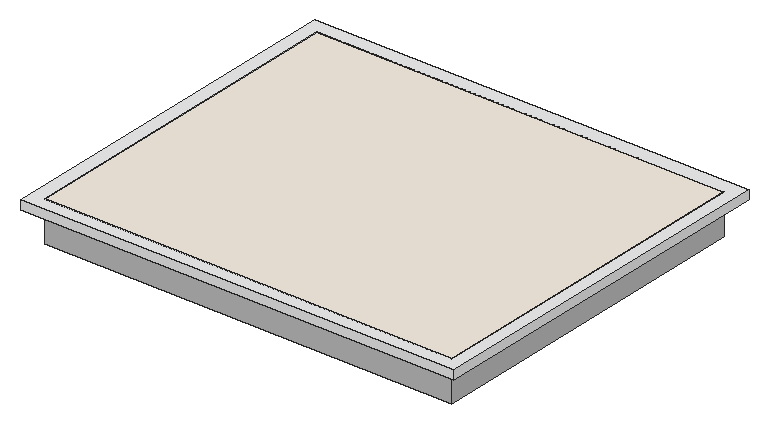
Revit family "Lighting-Industrial-GEWISS-ELIA-HL-LED_HIGHBAY", category Apparecchi per illuminazione, host Superficie, Revit 2019 (continued)
Types (12, lengths in mm): name | Weight (kg): | Weight (kg) | Voltage | Technical sheet | System power | Optic | built-in parameter 1150142 | Lumen output (lm) | Model | IDT | File diagramma fotometrico | Description
    3.20 4720.80 4561.20 \r\n4397.40 4233.60 4076.80 3921.40 3766.00 3614.80 3469.20 \r\n3326.40 3183.60 3045.00 2907.80 2775.36 2650.48 2530.08 \r\n2412.48 2297.68 2183.44 2072.42 1966.44 1863.82 1762.60 \r\n1663.76 1566.46 1471.96 1380.82 1293.46 1210.86 1133.16 \r\n1060.92 993.16 929.88 869.82 811.58 755.86 703.50 652.96 \r\n603.54 555.66 509.88 466.06 424.20 384.02 344.96 308.42 \r\n275.70 245.55 217.20 190.57 165.23 141.55 119.85 99.88 \r\n81.31 64.58 49.95 37.44 27.14 19.13 13.72 10.39 8.66 8.69 \r\n8142.40 8142.40 8142.40 8145.20 8146.60 8148.00 8150.80 \r\n8153.60 8156.40 8160.60 8163.40 8167.60 8173.20 8177.40 \r\n8183.00 8188.60 8195.60 8201.20 8209.60 8216.60 8225.00 \r\n8232.00 8240.40 8247.40 8255.80 8262.80 8269.80 8278.20 \r\n8286.60 8293.60 8302.00 8310.40 8318.80 8327.20 8337.00 \r\n8346.80 8356.60 8367.80 8377.60 8388.80 8398.60 8409.80 \r\n8419.60 8430.80 8442.00 8451.80 8463.00 8474.20 8484.00 \r\n8496.60 8507.80 8519.00 8530.20 8541.40 8551.20 8562.40 \r\n8573.60 8583.40 8594.60 8603.00 8611.40 8617.00 8624.00 \r\n8628.20 8633.80 8636.60 8639.40 8639.40 8639.40 8636.60 \r\n8633.80 8631.00 8625.40 8618.40 8608.60 8597.40 8584.80 \r\n8570.80 8552.60 8535.80 8514.80 8493.80 8470.00 8444.80 \r\n8416.80 8387.40 8355.20 8320.20 8282.40 8246.00 8205.40 \r\n8157.80 8106.00 8048.60 7987.00 7919.80 7845.60 7760.20 \r\n7665.00 7560.00 7446.60 7329.00 7204.40 7081.20 6953.80 \r\n6818.00 6669.60 6507.20 6335.00 6151.60 5964.00 5776.40 \r\n5590.20 5409.60 5229.00 5054.00 4883.20 4722.20 4562.60 \r\n4397.40 4235.00 4076.80 3922.80 3767.40 3614.80 3470.60 \r\n3329.20 3186.40 3045.00 2909.20 2777.18 2652.02 2531.20 \r\n2412.76 2297.12 2183.44 2072.98 1967.28 1864.38 1763.44 \r\n1664.46 1567.30 1472.66 1381.52 1294.16 1211.28 1133.44 \r\n1061.06 993.30 929.88 869.82 811.72 756.00 703.36 652.96 \r\n603.54 555.80 510.30 466.62 424.48 384.30 345.38 308.98 \r\n276.04 245.74 217.32 190.65 165.37 141.74 120.01 99.97 \r\n81.42 64.71 49.99 37.44 27.17 19.24 13.86 10.51 8.74 8.69 \r\n8142.40 8142.40 8142.40 8145.20 8146.60 8148.00 8149.40 \r\n8153.60 8156.40 8159.20 8163.40 8167.60 8173.20 8177.40 \r\n8183.00 8188.60 8195.60 8201.20 8209.60 8216.60 8225.00 \r\n8232.00 8240.40 8247.40 8255.80 8264.20 8269.80 8278.20 \r\n8286.60 8295.00 8302.00 8311.80 8320.20 8330.00 8338.40 \r\n8348.20 8358.00 8369.20 8380.40 8390.20 8400.00 8409.80 \r\n8421.00 8430.80 8442.00 8453.20 8465.80 8475.60 8486.80 \r\n8496.60 8509.20 8520.40 8531.60 8542.80 8554.00 8565.20 \r\n8575.00 8586.20 8594.60 8603.00 8611.40 8619.80 8625.40 \r\n8631.00 8635.20 8639.40 8640.80 8642.20 8640.80 8639.40 \r\n8636.60 8632.40 8628.20 8619.80 8611.40 8600.20 8587.60 \r\n8572.20 8555.40 8535.80 8517.60 8495.20 8472.80 8446.20 \r\n8418.20 8387.40 8356.60 8321.60 8285.20 8246.00 8204.00 \r\n8157.80 8107.40 8050.00 7988.40 7919.80 7845.60 7761.60 \r\n7666.40 7560.00 7448.00 7329.00 7204.40 7082.60 6952.40 \r\n6815.20 6669.60 6507.20 6335.00 6151.60 5965.40 5777.80 \r\n5593.00 5409.60 5230.40 5055.40 4884.60 4723.60 4562.60 \r\n4398.80 4235.00 4078.20 3924.20 3768.80 3617.60 3472.00 \r\n3329.20 3187.80 3047.80 2912.00 2779.28 2653.84 2532.46 \r\n2413.32 2296.98 2183.58 2073.68 1968.12 1865.36 1764.42 \r\n1665.58 1568.28 1473.64 1382.36 1295.00 1212.26 1134.14 \r\n1061.76 993.86 930.30 870.10 811.86 756.28 703.50 652.96 \r\n603.68 556.22 510.86 467.32 425.18 384.58 345.80 309.40 \r\n276.56 246.08 217.55 190.83 165.59 142.02 120.23 100.13 \r\n81.58 64.83 50.06 37.44 27.23 19.36 13.99 10.63 8.82 8.70 \r\n8142.40 8142.40 8142.40 8143.80 8146.60 8148.00 8150.80 \r\n8153.60 8156.40 8159.20 8163.40 8167.60 8173.20 8177.40 \r\n8183.00 8188.60 8194.20 8201.20 8209.60 8216.60 8225.00 \r\n8232.00 8240.40 8248.80 8255.80 8264.20 8271.20 8278.20 \r\n8286.60 8295.00 8304.80 8311.80 8320.20 8330.00 8339.80 \r\n8349.60 8360.80 8369.20 8380.40 8390.20 8401.40 8412.60 \r\n8422.40 8432.20 8444.80 8454.60 8465.80 8477.00 8486.80 \r\n8499.40 8509.20 8521.80 8533.00 8544.20 8554.00 8565.20 \r\n8576.40 8586.20 8597.40 8605.80 8614.20 8621.20 8628.20 \r\n8633.80 8638.00 8640.80 8643.60 8643.60 8642.20 8640.80 \r\n8638.00 8633.80 8628.20 8621.20 8612.80 8603.00 8589.00 \r\n8573.60 8556.80 8538.60 8519.00 8498.00 8472.80 8447.60 \r\n8419.60 8388.80 8356.60 8323.00 8285.20 8247.40 8205.40 \r\n8159.20 8107.40 8050.00 7988.40 7921.20 7845.60 7761.60 \r\n7666.40 7561.40 7448.00 7329.00 7205.80 7082.60 6952.40 \r\n6815.20 6668.20 6507.20 6335.00 6154.40 5966.80 5779.20 \r\n5594.40 5411.00 5231.80 5056.80 4886.00 4723.60 4564.00 \r\n4400.20 4236.40 4078.20 3924.20 3770.20 3619.00 3474.80 \r\n3332.00 3189.20 3050.60 2913.40 2781.52 2655.80 2533.86 \r\n2413.74 2296.84 2184.00 2074.66 1969.24 1866.62 1765.68 \r\n1666.84 1569.54 1474.90 1383.48 1296.12 1213.38 1135.12 \r\n1062.60 994.56 930.86 870.38 812.28 756.70 703.92 653.10 \r\n603.96 556.64 511.42 468.02 425.74 385.14 346.36 310.24 \r\n277.10 246.48 217.85 191.10 165.89 142.35 120.51 100.34 \r\n81.77 65.00 50.15 37.46 27.29 19.48 14.12 10.75 8.89 8.71 \r\n8142.40 8142.40 8142.40 8143.80 8146.60 8149.40 8150.80 \r\n8153.60 8156.40 8159.20 8163.40 8167.60 8173.20 8177.40 \r\n8183.00 8188.60 8194.20 8201.20 8209.60 8216.60 8225.00 \r\n8232.00 8240.40 8248.80 8255.80 8264.20 8272.60 8279.60 \r\n8288.00 8296.40 8304.80 8314.60 8321.60 8331.40 8341.20 \r\n8351.00 8360.80 8370.60 8381.80 8393.00 8402.80 8412.60 \r\n8423.80 8433.60 8444.80 8456.00 8467.20 8478.40 8489.60 \r\n8499.40 8512.00 8523.20 8534.40 8545.60 8556.80 8568.00 \r\n8577.80 8589.00 8597.40 8608.60 8615.60 8624.00 8629.60 \r\n8635.20 8639.40 8642.20 8643.60 8645.00 8643.60 8642.20 \r\n8639.40 8635.20 8629.60 8624.00 8614.20 8603.00 8591.80 \r\n8576.40 8559.60 8540.00 8521.80 8499.40 8475.60 8449.00 \r\n8421.00 8391.60 8359.40 8323.00 8285.20 8247.40 8205.40 \r\n8159.20 8107.40 8051.40 7989.80 7921.20 7845.60 7761.60 \r\n7666.40 7560.00 7446.60 7329.00 7205.80 7081.20 6951.00 \r\n6813.80 6666.80 6505.80 6335.00 6154.40 5968.20 5782.00 \r\n5595.80 5412.40 5233.20 5056.80 4886.00 4723.60 4564.00 \r\n4398.80 4236.40 4078.20 3924.20 3770.20 3621.80 3476.20 \r\n3333.40 3190.60 3050.60 2914.80 2784.04 2657.76 2535.26 \r\n2414.30 2296.70 2184.28 2075.78 1970.50 1867.88 1767.22 \r\n1668.52 1571.08 1476.30 1384.88 1297.38 1214.64 1136.52 \r\n1063.72 995.54 931.56 870.80 812.70 757.26 704.20 653.38 \r\n604.24 557.06 511.98 468.72 426.44 385.84 347.20 311.08 \r\n277.72 246.99 218.25 191.42 166.25 142.74 120.83 100.59 \r\n81.98 65.20 50.25 37.49 27.36 19.61 14.25 10.86 8.96 8.72 \r\n8142.40 8142.40 8142.40 8143.80 8146.60 8149.40 8150.80 \r\n8153.60 8156.40 8159.20 8163.40 8167.60 8173.20 8177.40 \r\n8183.00 8188.60 8194.20 8202.60 8209.60 8216.60 8225.00 \r\n8233.40 8240.40 8248.80 8257.20 8264.20 8272.60 8279.60 \r\n8288.00 8296.40 8306.20 8314.60 8324.40 8332.80 8342.60 \r\n8352.40 8362.20 8373.40 8383.20 8393.00 8404.20 8414.00 \r\n8423.80 8435.00 8446.20 8457.40 8468.60 8478.40 8489.60 \r\n8502.20 8512.00 8524.60 8535.80 8545.60 8556.80 8568.00 \r\n8579.20 8590.40 8600.20 8610.00 8618.40 8625.40 8632.40 \r\n8636.60 8642.20 8645.00 8645.00 8645.00 8645.00 8643.60 \r\n8640.80 8636.60 8631.00 8625.40 8615.60 8605.80 8591.80 \r\n8577.80 8561.00 8542.80 8523.20 8500.80 8477.00 8449.00 \r\n8421.00 8391.60 8359.40 8324.40 8285.20 8247.40 8205.40 \r\n8159.20 8107.40 8051.40 7989.80 7922.60 7847.00 7760.20 \r\n7666.40 7560.00 7446.60 7329.00 7205.80 7081.20 6951.00 \r\n6812.40 6665.40 6507.20 6336.40 6155.80 5969.60 5783.40 \r\n5597.20 5415.20 5234.60 5058.20 4887.40 4725.00 4565.40 \r\n4400.20 4236.40 4079.60 3924.20 3773.00 3623.20 3479.00 \r\n3334.80 3192.00 3053.40 2917.60 2786.42 2660.14 2536.94 \r\n2415.00 2296.70 2184.84 2077.04 1971.90 1869.42 1768.76 \r\n1670.06 1572.62 1477.84 1386.42 1298.92 1216.18 1137.92 \r\n1065.12 996.52 932.40 871.50 813.26 757.82 704.62 653.66 \r\n604.66 557.62 512.82 469.56 427.14 386.26 347.90 311.78 \r\n278.52 247.56 218.69 191.79 166.64 143.19 121.20 100.86 \r\n82.22 65.41 50.36 37.53 27.45 19.73 14.38 10.97 9.03 8.73 \r\n8142.40 8142.40 8143.80 8143.80 8146.60 8149.40 8150.80 \r\n8153.60 8156.40 8159.20 8162.00 8167.60 8173.20 8177.40 \r\n8183.00 8188.60 8194.20 8202.60 8209.60 8216.60 8225.00 \r\n8233.40 8240.40 8248.80 8257.20 8265.60 8274.00 8282.40 \r\n8289.40 8297.80 8306.20 8316.00 8324.40 8334.20 8344.00 \r\n8353.80 8365.00 8373.40 8384.60 8394.40 8405.60 8415.40 \r\n8426.60 8436.40 8447.60 8458.80 8468.60 8479.80 8492.40 \r\n8502.20 8514.80 8526.00 8535.80 8548.40 8559.60 8570.80 \r\n8580.60 8591.80 8601.60 8611.40 8619.80 8626.80 8633.80 \r\n8639.40 8643.60 8646.40 8646.40 8646.40 8646.40 8645.00 \r\n8642.20 8638.00 8633.80 8625.40 8618.40 8607.20 8594.60 \r\n8579.20 8562.40 8544.20 8524.60 8502.20 8477.00 8451.80 \r\n8422.40 8393.00 8360.80 8324.40 8286.60 8247.40 8205.40 \r\n8159.20 8107.40 8052.80 7991.20 7922.60 7847.00 7760.20 \r\n7665.00 7558.60 7446.60 7327.60 7204.40 7081.20 6949.60 \r\n6812.40 6664.00 6505.80 6336.40 6155.80 5969.60 5784.80 \r\n5600.00 5415.20 5234.60 5058.20 4887.40 4725.00 4564.00 \r\n4400.20 4236.40 4079.60 3925.60 3773.00 3624.60 3479.00 \r\n3336.20 3194.80 3056.20 2920.40 2788.94 2662.24 2538.48 \r\n2415.70 2297.12 2185.68 2078.30 1973.44 1870.82 1770.44 \r\n1671.88 1574.44 1479.38 1387.96 1300.46 1217.58 1139.32 \r\n1066.38 997.78 933.10 872.06 813.82 758.38 705.18 653.94 \r\n605.08 558.18 513.52 470.40 427.84 386.96 348.60 312.62 \r\n279.22 248.16 219.18 192.19 167.08 143.65 121.58 101.15 \r\n82.47 65.60 50.48 37.59 27.52 19.86 14.51 11.08 9.10 8.74 \r\n8142.40 8142.40 8143.80 8143.80 8146.60 8148.00 8150.80 \r\n8153.60 8156.40 8159.20 8163.40 8167.60 8173.20 8176.00 \r\n8183.00 8188.60 8195.60 8202.60 8209.60 8218.00 8225.00 \r\n8233.40 8241.80 8248.80 8257.20 8265.60 8274.00 8282.40 \r\n8290.80 8299.20 8309.00 8316.00 8325.80 8335.60 8345.40 \r\n8353.80 8365.00 8374.80 8386.00 8397.20 8405.60 8416.80 \r\n8426.60 8437.80 8447.60 8458.80 8471.40 8481.20 8492.40 \r\n8503.60 8516.20 8526.00 8538.60 8549.80 8559.60 8570.80 \r\n8582.00 8593.20 8604.40 8612.80 8622.60 8628.20 8635.20 \r\n8640.80 8645.00 8647.80 8649.20 8649.20 8647.80 8646.40 \r\n8643.60 8640.80 8635.20 8628.20 8619.80 8608.60 8596.00 \r\n8582.00 8563.80 8545.60 8526.00 8503.60 8478.40 8453.20 \r\n8422.40 8393.00 8360.80 8325.80 8286.60 8247.40 8206.80 \r\n8159.20 8107.40 8052.80 7992.60 7922.60 7847.00 7760.20 \r\n7663.60 7557.20 7445.20 7326.20 7204.40 7079.80 6949.60 \r\n6811.00 6664.00 6505.80 6336.40 6157.20 5971.00 5786.20 \r\n5600.00 5418.00 5234.60 5059.60 4888.80 4725.00 4565.40 \r\n4401.60 4237.80 4079.60 3925.60 3773.00 3626.00 3481.80 \r\n3337.60 3196.20 3056.20 2923.20 2791.46 2664.34 2540.02 \r\n2416.82 2297.54 2186.52 2079.98 1974.98 1872.36 1771.98 \r\n1673.42 1575.98 1480.92 1389.64 1302.00 1219.26 1141.00 \r\n1067.78 999.04 934.08 872.76 814.66 759.08 705.46 654.36 \r\n605.36 558.74 514.22 471.24 428.54 387.52 349.44 313.60 \r\n280.10 248.79 219.70 192.65 167.54 144.12 121.98 101.47 \r\n82.74 65.83 50.62 37.67 27.62 19.99 14.63 11.18 9.17 8.75 \r\n8142.40 8142.40 8143.80 8143.80 8146.60 8148.00 8150.80 \r\n8153.60 8156.40 8159.20 8163.40 8167.60 8173.20 8176.00 \r\n8183.00 8188.60 8195.60 8202.60 8209.60 8218.00 8225.00 \r\n8233.40 8241.80 8250.20 8257.20 8265.60 8274.00 8282.40 \r\n8290.80 8300.60 8309.00 8318.80 8327.20 8337.00 8345.40 \r\n8356.60 8366.40 8377.60 8386.00 8397.20 8408.40 8416.80 \r\n8428.00 8437.80 8449.00 8460.20 8471.40 8482.60 8493.80 \r\n8505.00 8516.20 8528.80 8538.60 8549.80 8562.40 8573.60 \r\n8584.80 8596.00 8605.80 8614.20 8622.60 8631.00 8638.00 \r\n8642.20 8647.80 8649.20 8650.60 8650.60 8650.60 8647.80 \r\n8645.00 8642.20 8636.60 8629.60 8621.20 8610.00 8597.40 \r\n8582.00 8565.20 8547.00 8526.00 8505.00 8479.80 8451.80 \r\n8423.80 8394.40 8360.80 8325.80 8288.00 8247.40 8205.40 \r\n8159.20 8107.40 8052.80 7992.60 7924.00 7845.60 7758.80 \r\n7662.20 7555.80 7443.80 7324.80 7204.40 7078.40 6948.20 \r\n6809.60 6662.60 6504.40 6336.40 6157.20 5972.40 5787.60 \r\n5601.40 5418.00 5237.40 5059.60 4888.80 4726.40 4564.00 \r\n4400.20 4237.80 4079.60 3925.60 3775.80 3627.40 3481.80 \r\n3339.00 3197.60 3059.00 2923.20 2793.56 2666.30 2541.56 \r\n2417.80 2298.24 2187.64 2081.52 1976.52 1873.90 1773.66 \r\n1675.24 1577.66 1482.60 1391.04 1303.54 1220.80 1142.54 \r\n1069.18 1000.30 935.06 873.46 815.22 759.64 706.02 654.78 \r\n606.06 559.30 514.92 472.08 429.24 388.36 350.14 314.44 \r\n280.85 249.42 220.25 193.12 168.00 144.59 122.39 101.79 \r\n83.01 66.04 50.76 37.76 27.73 20.12 14.76 11.28 9.23 8.76 \r\n8142.40 8142.40 8143.80 8143.80 8146.60 8148.00 8150.80 \r\n8153.60 8156.40 8159.20 8163.40 8167.60 8173.20 8176.00 \r\n8183.00 8190.00 8195.60 8202.60 8209.60 8218.00 8225.00 \r\n8233.40 8241.80 8250.20 8258.60 8267.00 8275.40 8283.80 \r\n8292.20 8300.60 8309.00 8318.80 8328.60 8338.40 8348.20 \r\n8356.60 8366.40 8377.60 8387.40 8398.60 8408.40 8419.60 \r\n8429.40 8439.20 8450.40 8461.60 8472.80 8484.00 8495.20 \r\n8506.40 8519.00 8528.80 8541.40 8552.60 8563.80 8575.00 \r\n8586.20 8597.40 8607.20 8617.00 8624.00 8632.40 8639.40 \r\n8645.00 8647.80 8650.60 8652.00 8652.00 8650.60 8649.20 \r\n8646.40 8642.20 8636.60 8631.00 8622.60 8612.80 8598.80 \r\n8583.40 8566.60 8548.40 8527.40 8506.40 8479.80 8453.20 \r\n8425.20 8394.40 8360.80 8325.80 8288.00 8248.80 8206.80 \r\n8159.20 8108.80 8054.20 7994.00 7924.00 7845.60 7758.80 \r\n7660.80 7554.40 7442.40 7323.40 7203.00 7077.00 6948.20 \r\n6808.20 6661.20 6503.00 6335.00 6157.20 5972.40 5787.60 \r\n5602.80 5418.00 5237.40 5061.00 4890.20 4726.40 4565.40 \r\n4400.20 4239.20 4079.60 3925.60 3775.80 3628.80 3483.20 \r\n3340.40 3199.00 3060.40 2926.00 2796.08 2668.26 2543.24 \r\n2418.92 2299.22 2188.90 2083.20 1978.34 1875.58 1775.20 \r\n1676.78 1579.06 1483.86 1392.58 1305.08 1222.34 1144.22 \r\n1070.72 1001.42 935.90 874.02 815.78 760.20 706.44 655.06 \r\n606.34 559.86 515.62 472.64 429.94 388.92 350.98 315.28 \r\n281.64 250.05 220.79 193.59 168.48 145.04 122.79 102.10 \r\n83.26 66.25 50.92 37.86 27.84 20.25 14.87 11.38 9.29 8.77 \r\n8142.40 8142.40 8143.80 8143.80 8146.60 8148.00 8150.80 \r\n8153.60 8156.40 8159.20 8163.40 8167.60 8173.20 8176.00 \r\n8183.00 8190.00 8197.00 8202.60 8211.00 8218.00 8226.40 \r\n8234.80 8241.80 8250.20 8258.60 8267.00 8275.40 8283.80 \r\n8292.20 8300.60 8310.40 8318.80 8328.60 8338.40 8348.20 \r\n8358.00 8369.20 8377.60 8387.40 8398.60 8409.80 8419.60 \r\n8430.80 8440.60 8451.80 8461.60 8474.20 8485.40 8496.60 \r\n8509.20 8519.00 8531.60 8542.80 8554.00 8566.60 8577.80 \r\n8589.00 8600.20 8610.00 8618.40 8626.80 8633.80 8640.80 \r\n8646.40 8649.20 8652.00 8654.80 8654.80 8652.00 8650.60 \r\n8647.80 8643.60 8638.00 8632.40 8622.60 8614.20 8600.20 \r\n8584.80 8568.00 8548.40 8528.80 8506.40 8481.20 8454.60 \r\n8425.20 8394.40 8362.20 8327.20 8289.40 8250.20 8208.20 \r\n8160.60 8110.20 8055.60 7995.40 7925.40 7845.60 7757.40 \r\n7659.40 7553.00 7438.20 7323.40 7201.60 7078.40 6948.20 \r\n6808.20 6659.80 6503.00 6335.00 6155.80 5972.40 5787.60 \r\n5601.40 5418.00 5237.40 5062.40 4891.60 4726.40 4564.00 \r\n4401.60 4239.20 4079.60 3924.20 3775.80 3628.80 3484.60 \r\n3340.40 3199.00 3060.40 2927.40 2796.92 2669.10 2544.50 \r\n2421.02 2302.30 2192.26 2086.14 1980.30 1876.84 1776.32 \r\n1677.76 1580.04 1484.56 1393.28 1305.92 1223.18 1145.06 \r\n1071.56 1002.40 936.60 874.58 816.20 760.48 707.00 655.62 \r\n606.76 560.28 515.76 472.78 430.08 389.20 351.26 315.70 \r\n282.00 250.49 221.28 194.12 168.90 145.33 123.06 102.40 \r\n83.48 66.42 51.09 38.04 27.98 20.37 14.98 11.47 9.35 8.78 \r\n8142.40 8142.40 8143.80 8143.80 8146.60 8148.00 8150.80 \r\n8153.60 8156.40 8159.20 8163.40 8167.60 8173.20 8177.40 \r\n8183.00 8190.00 8197.00 8202.60 8211.00 8218.00 8226.40 \r\n8234.80 8243.20 8253.00 8260.00 8268.40 8276.80 8285.20 \r\n8293.60 8303.40 8311.80 8321.60 8330.00 8338.40 8348.20 \r\n8359.40 8369.20 8379.00 8388.80 8398.60 8409.80 8421.00 \r\n8430.80 8442.00 8451.80 8463.00 8475.60 8486.80 8496.60 \r\n8509.20 8521.80 8533.00 8545.60 8556.80 8568.00 8579.20 \r\n8590.40 8601.60 8612.80 8621.20 8628.20 8636.60 8643.60 \r\n8649.20 8652.00 8654.80 8654.80 8654.80 8654.80 8653.40 \r\n8650.60 8646.40 8640.80 8633.80 8625.40 8614.20 8601.60 \r\n8586.20 8569.40 8549.80 8530.20 8507.80 8482.60 8454.60 \r\n8426.60 8395.80 8363.60 8328.60 8290.80 8251.60 8209.60 \r\n8163.40 8111.60 8058.40 7996.80 7925.40 7845.60 7756.00 \r\n7658.00 7551.60 7436.80 7320.60 7201.60 7077.00 6946.80 \r\n6808.20 6659.80 6501.60 6335.00 6155.80 5971.00 5784.80 \r\n5600.00 5418.00 5237.40 5062.40 4890.20 4726.40 456
